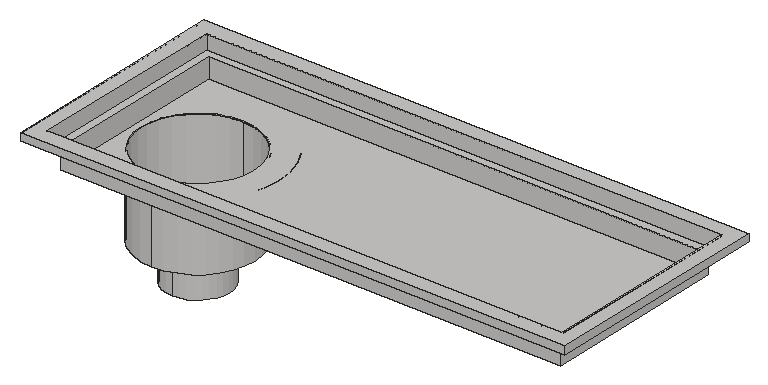
Revit family "QF_ZANUSSI_328053_FDA40100", category Attrezzature speciali, Revit 2020
Family settings
  Quota connettore circolare = Usa diametro
  Tipo di parte = Normale
  Basato su piano di lavoro = No
  Sempre verticale = Sì
  Taglio con vuoti quando caricato = No
  Condiviso = No
  Punto di calcolo locali = No
Parameters (values of type "Standard")
  Weight = 44.0925 lbm
  Watts = 0 W
  Volts = 0 V
  URL Manufacturer = "http://www.zanussiprofessional.com"
  URL = "http://www.zanussiprofessional.com"
  Steam Supply Size = 0"
  Steam Supply Minimum Pressure = 0.00 psi
  Steam Supply Maximum Pressure = 0.00 psi
  Steam Consumption per Hour = 0
  Refrigeration Suction Line Size = 0 mm
  Refrigeration Liquid Line Size = 0 mm
  Refrigerant Compressor Remote = yes
  Prospetto di default = 0 mm
  Phase = 0
  Modello = "FDA40100"
  Produttore = "Zanussi"
  Length Actual = 950 mm  # constant formula
  Item Number = "328053"
  Hot Water Size = 0"
  Height Actual = 265 mm  # constant formula
  HP = "0 HP"
  Gas Size = 0"
  Gas KW = 0
  Gas Input Pressure = 0.0 Btu/h
  Direct Waste Size = 3.93701"
  Descrizione = "FLOOR DRAINAGE+GRATE+SIDE SIPHON-VERT.OUT. 400X950"
  Depth Actual = 400 mm  # constant formula
  Cycle = 0 Hz
  Condensate Return Size = 0"
  Compressed Air Volume = 0 GPM
  Compressed Air Size = 0"
  Compressed Air Pressure = 0.00 psi
  Cold Water Size = 0"
  Assembly Code = ""
  Accessory = yes
Reference planes
  plane 1: z = 0
  plane 2 "Center (Front/Back)": y = -102.225
  plane 3 "Center (Left/Right)": x = 9.791
  plane 4 "TOP": z = -265
  plane 5 "Back": y = 97.775
  plane 6 "Front": y = -302.225
  plane 7: x = -140.209
  plane 8: x = 159.791
  plane 9: x = 809.791
Forms (mm)
  Revolve 1, solid, material "QF_Metal-Stainless-Polished"
    sketch origin (9.791, 0, 0) x (0, 1, 0) y (0, 0, 1)
      loop
        line (38.775, -62) -> (38.775, -60) -> (-4.225, -60) -> (-4.225, -198) -> (-49.225, -198) -> (-49.225, -265) -> (-47.225, -265) -> (-47.225, -200) -> (-2.225, -200) -> (-2.225, -62) -> (38.775, -62)
      axis (-102.225, -265) -> (-102.225, -60)
    angle from 0 to 360
  Sweep 2, solid, material "QF_Finishes_Stainless Steel"
    path origin (0, 0, 0) x (1, 0, 0) y (0, 1, 0)
      loop
        line (-140.209, 97.775) -> (-140.209, -302.225) -> (809.791, -302.225) -> (809.791, 97.775) -> (-140.209, 97.775)
    profile origin (334.791, 97.775, 0) x (0, 1, 0) y (0, 0, 1)
      loop
        line (0, -11.945) -> (0, 1) -> (-26, 1) -> (-26, -25) -> (-40, -25) -> (-40, -59) -> (-50, -59) -> (-50, -60) -> (-39, -60) -> (-39, -26) -> (-25, -26) -> (-25, 0.055) -> (-1, 0.055) -> (-1, -11.945) -> (0, -11.945)
  Extrusion 3, solid, material "QF_Finishes_Stainless Steel"
    sketch origin (0, 0, 0) x (1, 0, 0) y (0, 1, 0)
      loop
        line (-90.209, 47.775) -> (-90.209, -252.225) -> (759.791, -252.225) -> (759.791, 47.775) -> (-90.209, 47.775)
      loop
        circle (9.791, -102.225) r 98
    from -59 to -60
Cuts and joins
  joined: Sweep 2, Extrusion 3
Lines and regions (mm)
  symbolic lines
    curve 1: line (-140.209, 97.775, 0) -> (809.791, 97.775, 0)
    curve 2: line (-140.209, -302.225, 0) -> (-140.209, 97.775, 0)
    curve 3: line (809.791, -302.225, 0) -> (-140.209, -302.225, 0)
    curve 4: line (809.791, 97.775, 0) -> (809.791, -302.225, 0)
    curve 5: circle (9.791, -102.225, 0) r 115 normal (0, 0, 1)
    curve 18: circle (9.791, -102.225, 0) r 115 normal (0, 0, -1)
    curve 24: line (-114.209, 71.775, 0) -> (783.791, 71.775, 0)
    curve 25: line (-114.209, -276.225, 0) -> (-114.209, 71.775, 0)
    curve 26: line (783.791, -276.225, 0) -> (-114.209, -276.225, 0)
    curve 27: line (783.791, 71.775, 0) -> (783.791, -276.225, 0)
    curve 28: circle (9.791, -102.225, 0) r 53 normal (0, 0, 1)
  model lines
    curve 6: line (-100.209, 71.775, 0) -> (-100.209, -276.225, 0)
    curve 7: line (-80.209, 71.775, 0) -> (-80.209, -276.225, 0)
    curve 8: line (-60.209, 71.775, 0) -> (-60.209, -276.225, 0)
    curve 9: line (-40.209, 71.775, 0) -> (-40.209, -276.225, 0)
    curve 10: line (-20.209, 71.775, 0) -> (-20.209, -276.225, 0)
    curve 11: line (-0.209, 71.775, 0) -> (-0.209, -276.225, 0)
    curve 12: line (19.791, 71.775, 0) -> (19.791, -276.225, 0)
    curve 13: line (39.791, 71.775, 0) -> (39.791, -276.225, 0)
    curve 14: line (59.791, 71.775, 0) -> (59.791, -276.225, 0)
    curve 15: line (79.791, 71.775, 0) -> (79.791, -276.225, 0)
    curve 16: line (99.791, 71.775, 0) -> (99.791, -276.225, 0)
    curve 17: line (119.791, 71.775, 0) -> (119.791, -276.225, 0)
    curve 19: line (-114.209, -22.225, 0) -> (783.791, -22.225, 0)
    curve 20: line (-114.209, -42.225, 0) -> (783.791, -42.225, 0)
    curve 21: line (-114.209, -62.225, 0) -> (783.791, -62.225, 0)
    curve 22: line (-114.209, -102.225, 0) -> (783.791, -102.225, 0)
    curve 23: line (-114.209, -122.225, 0) -> (783.791, -122.225, 0)
    curve 29: line (-114.209, 37.775, 0) -> (783.791, 37.775, 0)
    curve 30: line (-114.209, 17.775, 0) -> (783.791, 17.775, 0)
    curve 31: line (-114.209, -2.225, 0) -> (783.791, -2.225, 0)
    curve 32: line (-114.209, -202.225, 0) -> (783.791, -202.225, 0)
    curve 33: line (-114.209, -182.225, 0) -> (783.791, -182.225, 0)
    curve 34: line (-114.209, -162.225, 0) -> (783.791, -162.225, 0)
    curve 35: line (-114.209, -142.225, 0) -> (783.791, -142.225, 0)
    curve 36: line (-114.209, -262.225, 0) -> (783.791, -262.225, 0)
    curve 37: line (-114.209, -242.225, 0) -> (783.791, -242.225, 0)
    curve 38: line (-114.209, -222.225, 0) -> (783.791, -222.225, 0)
    curve 39: line (-114.209, 57.775, 0) -> (783.791, 57.775, 0)
    curve 40: line (139.791, 71.775, 0) -> (139.791, -276.225, 0)
    curve 41: line (159.791, 71.775, 0) -> (159.791, -276.225, 0)
    curve 42: line (179.791, 71.775, 0) -> (179.791, -276.225, 0)
    curve 43: line (199.791, 71.775, 0) -> (199.791, -276.225, 0)
    curve 44: line (219.791, 71.775, 0) -> (219.791, -276.225, 0)
    curve 45: line (239.791, 71.775, 0) -> (239.791, -276.225, 0)
    curve 46: line (259.791, 71.775, 0) -> (259.791, -276.225, 0)
    curve 47: line (279.791, 71.775, 0) -> (279.791, -276.225, 0)
    curve 48: line (299.791, 71.775, 0) -> (299.791, -276.225, 0)
    curve 49: line (319.791, 71.775, 0) -> (319.791, -276.225, 0)
    curve 50: line (339.791, 71.775, 0) -> (339.791, -276.225, 0)
    curve 51: line (359.791, 71.775, 0) -> (359.791, -276.225, 0)
    curve 52: line (379.791, 71.775, 0) -> (379.791, -276.225, 0)
    curve 53: line (399.791, 71.775, 0) -> (399.791, -276.225, 0)
    curve 54: line (419.791, 71.775, 0) -> (419.791, -276.225, 0)
    curve 55: line (439.791, 71.775, 0) -> (439.791, -276.225, 0)
    curve 56: line (459.791, 71.775, 0) -> (459.791, -276.225, 0)
    curve 57: line (479.791, 71.775, 0) -> (479.791, -276.225, 0)
    curve 58: line (499.791, 71.775, 0) -> (499.791, -276.225, 0)
    curve 59: line (519.791, 71.775, 0) -> (519.791, -276.225, 0)
    curve 60: line (539.791, 71.775, 0) -> (539.791, -276.225, 0)
    curve 61: line (559.791, 71.775, 0) -> (559.791, -276.225, 0)
    curve 62: line (579.791, 71.775, 0) -> (579.791, -276.225, 0)
    curve 63: line (599.791, 71.775, 0) -> (599.791, -276.225, 0)
    curve 64: line (619.791, 71.775, 0) -> (619.791, -276.225, 0)
    curve 65: line (639.791, 71.775, 0) -> (639.791, -276.225, 0)
    curve 66: line (659.791, 71.775, 0) -> (659.791, -276.225, 0)
    curve 67: line (679.791, 71.775, 0) -> (679.791, -276.225, 0)
    curve 68: line (699.791, 71.775, 0) -> (699.791, -276.225, 0)
    curve 69: line (719.791, 71.775, 0) -> (719.791, -276.225, 0)
    curve 70: line (739.791, 71.775, 0) -> (739.791, -276.225, 0)
    curve 71: line (759.791, 71.775, 0) -> (759.791, -276.225, 0)
    curve 72: line (-114.209, -82.225, 0) -> (783.791, -82.225, 0)
Dimensions and locks
  equal spacing: plane 8, plane 3 "Center (Left/Right)", plane 7
  level to plane 4 "TOP" = 265 mm
  locked: Revolve 1 sketch curve to Revolve 1 sketch curve at 141
  locked: Revolve 1 sketch curve to Revolve 1 sketch curve at 100
  locked: Revolve 1 sketch curve to Revolve 1 sketch curve at 55
  locked: plane 8 to plane 7 at 300
  equal spacing: plane 6 "Front", plane 2 "Center (Front/Back)", plane 5 "Back"
  locked: plane 6 "Front" to plane 5 "Back" at 400
  locked: plane 7 to plane 9 at 950
  aligned and locked: level to plane 1
  aligned and locked: Sweep 2 sketch curve to plane 9
  aligned and locked: curve 4 to plane 9
Automatic sketch dimensions
  Revolve 1 sketch curve to plane 2 "Center (Front/Back)" = 0 mm
  plane 4 "TOP" to Revolve 1 sketch curve = 65 mm
  Revolve 1 sketch curve to level = 62 mm
  Revolve 1 sketch curve to Revolve 1 sketch curve = 2 mm  (x4)
  Revolve 1 sketch curve to plane 4 "TOP" = 344.6 mm
  level to Revolve 1 sketch curve = 2466.13 mm
  plane 6 "Front" to Sweep 2 sketch curve = 0 mm
  Sweep 2 sketch curve to plane 7 = 0 mm
  plane 5 "Back" to Sweep 2 sketch curve = 0 mm
  level to Sweep 2 sketch curve = 1 mm
  Sweep 2 sketch curve to profile plane = 0 mm
  profile plane to Sweep 2 sketch curve = 1 mm
  profile plane to Sweep 2 sketch curve = 25 mm
  Sweep 2 sketch curve to Sweep 2 sketch curve = 1 mm  (x4)
  Sweep 2 sketch curve to Sweep 2 sketch curve = 14 mm
  level to Sweep 2 sketch curve = 0.055 mm
  Sweep 2 sketch curve to Sweep 2 sketch curve = 12 mm
  Sweep 2 sketch curve to level = 25 mm
  Sweep 2 sketch curve to Sweep 2 sketch curve = 33 mm
  Sweep 2 sketch curve to Sweep 2 sketch curve = 10 mm
  Revolve 1 sketch curve to plane 4 "TOP" = 0 mm
  curve 5 to curve 18 = 0 mm  (x2)
  curve 5 to curve 28 = 0 mm  (x2)
  plane 6 "Front" to curve 3 = 0 mm
  curve 3 to plane 7 = 0 mm
  curve 22 to plane 2 "Center (Front/Back)" = 0 mm
  curve 28 to plane 2 "Center (Front/Back)" = 0 mm
  curve 28 to plane 3 "Center (Left/Right)" = 0 mm
  curve 41 to plane 8 = 0 mm
  plane 5 "Back" to curve 2 = 0 mm
  plane 7 to curve 26 = 26 mm
  curve 27 to plane 9 = 26 mm
  curve 25 to plane 6 "Front" = 26 mm
  plane 5 "Back" to curve 25 = 26 mm
  curve 24 to curve 6 = 14 mm
  curve 6 to curve 7 = 20 mm
  curve 7 to curve 8 = 20 mm
  curve 8 to curve 9 = 20 mm
  curve 9 to curve 10 = 20 mm
  curve 11 to plane 3 "Center (Left/Right)" = 10 mm
  plane 3 "Center (Left/Right)" to curve 12 = 10 mm
  curve 12 to curve 13 = 20 mm
  curve 13 to curve 14 = 20 mm
  curve 14 to curve 15 = 20 mm
  curve 15 to curve 16 = 20 mm
  curve 16 to curve 17 = 20 mm
  curve 17 to curve 40 = 20 mm
  curve 41 to curve 42 = 20 mm
  curve 42 to curve 43 = 20 mm
  curve 43 to curve 44 = 20 mm
  curve 44 to curve 45 = 20 mm
  curve 45 to curve 46 = 20 mm
  curve 46 to curve 47 = 20 mm
  curve 47 to curve 48 = 20 mm
  curve 48 to curve 49 = 20 mm
  curve 49 to curve 50 = 20 mm
  curve 50 to curve 51 = 20 mm
  curve 51 to curve 52 = 20 mm
  curve 52 to curve 53 = 20 mm
  curve 53 to curve 54 = 20 mm
  curve 54 to curve 55 = 20 mm
  curve 55 to curve 56 = 20 mm
  curve 56 to curve 57 = 20 mm
  curve 57 to curve 58 = 20 mm
  curve 58 to curve 59 = 20 mm
  curve 59 to curve 60 = 20 mm
  curve 60 to curve 61 = 20 mm
  curve 61 to curve 62 = 20 mm
  curve 62 to curve 63 = 20 mm
  curve 63 to curve 64 = 20 mm
  curve 64 to curve 65 = 20 mm
  curve 65 to curve 66 = 20 mm
  curve 66 to curve 67 = 20 mm
  curve 67 to curve 68 = 20 mm
  curve 68 to curve 69 = 20 mm
  curve 69 to curve 70 = 20 mm
  curve 70 to curve 71 = 20 mm
  curve 26 to curve 36 = 14 mm
  curve 36 to curve 37 = 20 mm
  curve 37 to curve 38 = 20 mm
  curve 38 to curve 32 = 20 mm
  curve 32 to curve 33 = 20 mm
  curve 33 to curve 34 = 20 mm
  curve 34 to curve 35 = 20 mm
  curve 23 to plane 2 "Center (Front/Back)" = 20 mm
  plane 2 "Center (Front/Back)" to curve 72 = 20 mm
  curve 72 to curve 21 = 20 mm
  curve 21 to curve 20 = 20 mm
  curve 20 to curve 19 = 20 mm
  curve 19 to curve 31 = 20 mm
  curve 31 to curve 30 = 20 mm
  curve 30 to curve 29 = 20 mm
  curve 39 to curve 24 = 14 mm
  Extrusion 3 sketch curve to plane 2 "Center (Front/Back)" = 0 mm
  Extrusion 3 sketch curve to plane 3 "Center (Left/Right)" = 0 mm
  plane 7 to Extrusion 3 sketch curve = 50 mm
  Extrusion 3 sketch curve to plane 9 = 50 mm
  Extrusion 3 sketch curve to plane 6 "Front" = 50 mm
  plane 5 "Back" to Extrusion 3 sketch curve = 50 mm
  radius of curve 5 = 115 mm
  radius of curve 18 = 115 mm
  radius of curve 28 = 53 mm
  radius of Extrusion 3 sketch curve = 98 mm
Connectors
  piping at (9.791, -102.225, -265), diameter 100, driven by "Direct Waste Size"
    settings: on Revolve 1, index 1, connector inside diameter 24", connector length 0 mm, flow factor 0, pipe flow 0 GPM, pressure drop 0.00 psi, fitting loss kfactor 0, connector angle 0.00°, fixture units 0, engagement length 0 mm, angle of deflection 0.00°, flow configuration 1, flow direction 2, fitting loss method 0, system type 16, joint type 0, gender type 0, connector reference index -1, connector utility 0, adjustable connector no, is connector primary yes, connector description "Drain"
